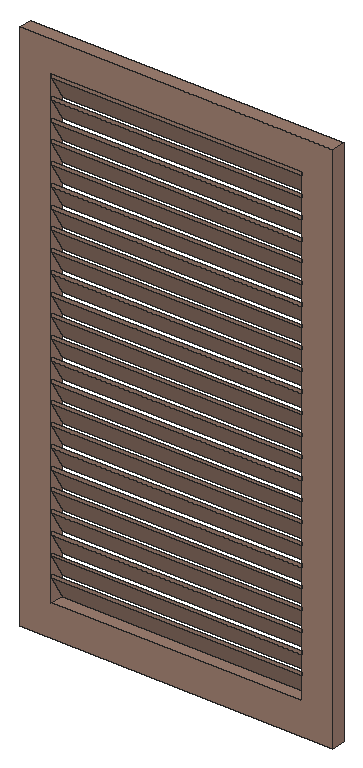
Revit family "Folha_Veneziana", category Janelas, Revit 2015
Parameters
  Largura das persianas = Largura - 2 * (Largura do caixilho)  # 56 cm
  Largura da veneziana [instance] = 56 cm
  Largura = 70 cm
  Construção analítica = "<Nenhum>"
  Type Comments = ""
  Rough Width = 0 cm
  Caixilho = Janela - Caixilho
  Rough Height = 0 cm
  Espessura da veneziana = 3 cm
  Largura do caixilho = 7 cm
  Número de Venezianas = 24
  Fabricante = "Marco Rocha"
  Veneziana = Janela - Caixilho
  Altura = 120 cm
  Assembly Code = ""
Reference planes (cm)
  plane 1 "Center (Front/Back)": y = 0
  plane 2: z = 0
  plane 3 "Center (Left/Right)": x = 0.5
  plane 4: y = 1.5
  plane 5: y = -1.5
  plane 6: y = 0
  plane 7: z = -60
  plane 8: z = 60
  plane 9: z = 53
  plane 10: z = -53
  plane 11: x = 28.5
  plane 12: x = -27.5
  plane 13: x = -34.5
  plane 14: x = 35.5
Forms (cm)
  Extrusion 1, solid, material "Janela - Caixilho" <- "Caixilho"
    sketch origin (0, 0, -140) x (1, 0, 0) y (0, 0, 1)
      loop
        line (-34.5, 200) -> (-34.5, 80) -> (35.5, 80) -> (35.5, 200) -> (-34.5, 200)
      loop
        line (-27.5, 193) -> (-27.5, 87) -> (28.5, 87) -> (28.5, 193) -> (-27.5, 193)
    from -1.5 to 1.5
Lines and regions (cm)
  Masking region 1, detail levels medium+fine
    outline origin (0, 0, 0) x (1, 0, 0) y (0, 1, 0)
      loop
        line (-34.5, 1.5) -> (-34.5, -1.5) -> (-27.5, -1.5) -> (-27.5, 1.5) -> (-34.5, 1.5)
  Masking region 2, detail levels medium+fine
    outline origin (1, 0, 0) x (0, 1, 0) y (-1, 0, 0)
      loop
        line (1.5, -34.5) -> (1.5, -27.5) -> (-1.5, -27.5) -> (-1.5, -34.5) -> (1.5, -34.5)
  Masking region 3, detail levels coarse
    outline origin (0, 0, 0) x (1, 0, 0) y (0, 1, 0)
      loop
        line (-34.5, 1.5) -> (-34.5, -1.5) -> (35.5, -1.5) -> (35.5, 1.5) -> (-34.5, 1.5)
  Masking region 4, detail levels coarse
    outline origin (0.5, 0, 0) x (0, 1, 0) y (0, 0, 1)
      loop
        line (1.5, 60) -> (-1.5, 60) -> (-1.5, -60) -> (1.5, -60) -> (1.5, 60)
  symbolic lines, style "Windows", detail levels medium+fine
    curve 1: line (-27.5, 1.5, 0) -> (28.5, 1.5, 0)
    curve 2: line (-27.5, -1.5, 0) -> (28.5, -1.5, 0)
  symbolic lines, style "WindowsFrameMullionProjection"
    curve 3: line (0.5, 1.5, 53) -> (0.5, -1.5, 53)
    curve 4: line (0.5, 1.5, -53) -> (0.5, -1.5, -53)
  symbolic lines, style "WindowsFrameMullionProjection", detail levels medium+fine
    curve 5: line (0.5, -1.5, 53) -> (0.5, 1.5, 48)
    curve 6: line (0.5, -1.5, -47.2225) -> (0.5, 1.5, -52.2225)
    curve 7: line (0.5, -1.5, 48.6425) -> (0.5, 1.5, 43.6425)
    curve 8: line (0.5, -1.5, 44.285) -> (0.5, 1.5, 39.285)
    curve 9: line (0.5, -1.5, 39.9275) -> (0.5, 1.5, 34.9275)
    curve 10: line (0.5, -1.5, 35.57) -> (0.5, 1.5, 30.57)
    curve 11: line (0.5, -1.5, 31.2125) -> (0.5, 1.5, 26.2125)
    curve 12: line (0.5, -1.5, 26.855) -> (0.5, 1.5, 21.855)
    curve 13: line (0.5, -1.5, 22.4975) -> (0.5, 1.5, 17.4975)
    curve 14: line (0.5, -1.5, 18.14) -> (0.5, 1.5, 13.14)
    curve 15: line (0.5, -1.5, 13.7825) -> (0.5, 1.5, 8.7825)
    curve 16: line (0.5, -1.5, 9.425) -> (0.5, 1.5, 4.425)
    curve 17: line (0.5, -1.5, 5.0675) -> (0.5, 1.5, 0.0675)
    curve 18: line (0.5, -1.5, 0.71) -> (0.5, 1.5, -4.29)
    curve 19: line (0.5, -1.5, -3.6475) -> (0.5, 1.5, -8.6475)
    curve 20: line (0.5, -1.5, -8.005) -> (0.5, 1.5, -13.005)
    curve 21: line (0.5, -1.5, -12.3625) -> (0.5, 1.5, -17.3625)
    curve 22: line (0.5, -1.5, -16.72) -> (0.5, 1.5, -21.72)
    curve 23: line (0.5, -1.5, -21.0775) -> (0.5, 1.5, -26.0775)
    curve 24: line (0.5, -1.5, -25.435) -> (0.5, 1.5, -30.435)
    curve 25: line (0.5, -1.5, -29.7925) -> (0.5, 1.5, -34.7925)
    curve 26: line (0.5, -1.5, -34.15) -> (0.5, 1.5, -39.15)
    curve 27: line (0.5, -1.5, -38.5075) -> (0.5, 1.5, -43.5075)
    curve 28: line (0.5, -1.5, -42.865) -> (0.5, 1.5, -47.865)
    curve 29: line (0.5, -1.5, 52.2225) -> (0.5, 1.5, 47.2225)
    curve 30: line (0.5, -1.5, -48) -> (0.5, 1.5, -53)
    curve 31: line (0.5, -1.5, 47.865) -> (0.5, 1.5, 42.865)
    curve 32: line (0.5, -1.5, 43.5075) -> (0.5, 1.5, 38.5075)
    curve 33: line (0.5, -1.5, 39.15) -> (0.5, 1.5, 34.15)
    curve 34: line (0.5, -1.5, 34.7925) -> (0.5, 1.5, 29.7925)
    curve 35: line (0.5, -1.5, 30.435) -> (0.5, 1.5, 25.435)
    curve 36: line (0.5, -1.5, 26.0775) -> (0.5, 1.5, 21.0775)
    curve 37: line (0.5, -1.5, 21.72) -> (0.5, 1.5, 16.72)
    curve 38: line (0.5, -1.5, 17.3625) -> (0.5, 1.5, 12.3625)
    curve 39: line (0.5, -1.5, 13.005) -> (0.5, 1.5, 8.005)
    curve 40: line (0.5, -1.5, 8.6475) -> (0.5, 1.5, 3.6475)
    curve 41: line (0.5, -1.5, 4.29) -> (0.5, 1.5, -0.71)
    curve 42: line (0.5, -1.5, -0.0675) -> (0.5, 1.5, -5.0675)
    curve 43: line (0.5, -1.5, -4.425) -> (0.5, 1.5, -9.425)
    curve 44: line (0.5, -1.5, -8.7825) -> (0.5, 1.5, -13.7825)
    curve 45: line (0.5, -1.5, -13.14) -> (0.5, 1.5, -18.14)
    curve 46: line (0.5, -1.5, -17.4975) -> (0.5, 1.5, -22.4975)
    curve 47: line (0.5, -1.5, -21.855) -> (0.5, 1.5, -26.855)
    curve 48: line (0.5, -1.5, -26.2125) -> (0.5, 1.5, -31.2125)
    curve 49: line (0.5, -1.5, -30.57) -> (0.5, 1.5, -35.57)
    curve 50: line (0.5, -1.5, -34.9275) -> (0.5, 1.5, -39.9275)
    curve 51: line (0.5, -1.5, -39.285) -> (0.5, 1.5, -44.285)
    curve 52: line (0.5, -1.5, -43.6425) -> (0.5, 1.5, -48.6425)
Dimensions and locks (cm)
  equal spacing: plane 4, plane 6, plane 5
  "Espessura da veneziana": plane 4 to plane 5
  "Largura do caixilho": plane 8 to plane 9
  "Largura do caixilho": plane 10 to plane 7
  "Altura": plane 8 to plane 7
  equal spacing: plane 11, plane 3 "Center (Left/Right)", plane 12
  "Largura do caixilho": plane 12 to plane 13
  "Largura do caixilho": plane 11 to plane 14
  "Largura": plane 14 to plane 13
  equal spacing: plane 9, plane 2, plane 10
  "Largura da veneziana": plane 12 to plane 11
  equal spacing: group 1, group 3, group 4, group 5, group 6, group 7, group 8, group 9, group 10, group 11, group 12, group 13, group 14, group 15, group 16, group 17, group 18, group 19, group 20, group 21, group 22, group 23, group 24, group 2  (x2)
  equal spacing: group 2, group 24, group 23, group 22, group 21, group 20, group 19, group 18, group 17, group 16, group 15, group 14, group 13, group 12, group 11, group 10, group 9, group 8, group 7, group 6, group 5, group 4, group 3, group 1
  aligned and locked: plane 13 to Extrusion 1 sketch curve
  aligned and locked: plane 12 to Extrusion 1 sketch curve
  aligned and locked: plane 7 to Extrusion 1 sketch curve
  aligned and locked: plane 10 to Extrusion 1 sketch curve
  aligned and locked: Extrusion 1 sketch curve to plane 14
  aligned and locked: plane 11 to Extrusion 1 sketch curve
  aligned and locked: Extrusion 1 sketch curve to plane 8
  aligned and locked: Extrusion 1 sketch curve to plane 9
  aligned and locked: plane 10 to Extrusion 1
  aligned and locked: plane 9 to nested 1
  aligned and locked: plane 4 to Extrusion 1
  aligned and locked: Extrusion 1 to plane 5
  aligned and locked: nested 1 to plane 6
  aligned and locked: plane 6 to plane 1 "Center (Front/Back)"
  aligned and locked: nested 1 to plane 3 "Center (Left/Right)"
  aligned and locked: plane 10 to nested 2
  aligned and locked: Masking region 1 sketch curve to plane 4
  aligned and locked: plane 13 to Masking region 1 sketch curve
  aligned and locked: plane 5 to Masking region 1 sketch curve
  aligned and locked: Masking region 1 sketch curve to plane 12
  aligned and locked: plane 11 to Masking region 2 sketch curve
  aligned and locked: plane 4 to Masking region 2 sketch curve
  aligned and locked: plane 14 to Masking region 2 sketch curve
  aligned and locked: Masking region 2 sketch curve to plane 5
  aligned and locked: plane 12 to curve 1
  aligned and locked: plane 11 to curve 1
  aligned and locked: curve 1 to plane 4
  aligned and locked: plane 12 to curve 2
  aligned and locked: plane 11 to curve 2
  aligned and locked: curve 2 to plane 5
  aligned and locked: Masking region 3 sketch curve to plane 4
  aligned and locked: plane 13 to Masking region 3 sketch curve
  aligned and locked: plane 5 to Masking region 3 sketch curve
  aligned and locked: Masking region 3 sketch curve to plane 14
  aligned and locked: Masking region 4 sketch curve to plane 4
  aligned and locked: Masking region 4 sketch curve to plane 8
  aligned and locked: plane 7 to Masking region 4 sketch curve
  aligned and locked: plane 4 to curve 3
  aligned and locked: plane 5 to curve 3
  aligned and locked: curve 3 to plane 9
  aligned and locked: curve 4 to plane 10
Automatic sketch dimensions
  Masking region 4 sketch curve to plane 5 = 0 cm
  curve 4 to plane 5 = 0 cm
  curve 4 to plane 4 = 0 cm
  curve 5 to curve 29 = 0 cm  (x2)
  curve 29 to curve 29 = 3 cm
  curve 29 to curve 5 = 0.7775 cm  (x2)
  curve 5 to curve 29 = 4.2225 cm
  curve 6 to curve 30 = 0 cm  (x2)
  curve 30 to curve 30 = 3 cm
  curve 30 to curve 6 = 0.7775 cm  (x2)
  curve 6 to curve 30 = 4.2225 cm
  curve 7 to curve 31 = 0 cm  (x2)
  curve 31 to curve 31 = 3 cm
  curve 31 to curve 7 = 0.7775 cm  (x2)
  curve 7 to curve 31 = 4.2225 cm
  curve 8 to curve 32 = 0 cm  (x2)
  curve 32 to curve 32 = 3 cm
  curve 32 to curve 8 = 0.7775 cm  (x2)
  curve 8 to curve 32 = 4.2225 cm
  curve 9 to curve 33 = 0 cm  (x2)
  curve 33 to curve 33 = 3 cm
  curve 33 to curve 9 = 0.7775 cm  (x2)
  curve 9 to curve 33 = 4.2225 cm
  curve 10 to curve 34 = 0 cm  (x2)
  curve 34 to curve 34 = 3 cm
  curve 34 to curve 10 = 0.7775 cm  (x2)
  curve 10 to curve 34 = 4.2225 cm
  curve 11 to curve 35 = 0 cm  (x2)
  curve 35 to curve 35 = 3 cm
  curve 35 to curve 11 = 0.7775 cm  (x2)
  curve 11 to curve 35 = 4.2225 cm
  curve 12 to curve 36 = 0 cm  (x2)
  curve 36 to curve 36 = 3 cm
  curve 36 to curve 12 = 0.7775 cm  (x2)
  curve 12 to curve 36 = 4.2225 cm
  curve 13 to curve 37 = 0 cm  (x2)
  curve 37 to curve 37 = 3 cm
  curve 37 to curve 13 = 0.7775 cm  (x2)
  curve 13 to curve 37 = 4.2225 cm
  curve 14 to curve 38 = 0 cm  (x2)
  curve 38 to curve 38 = 3 cm
  curve 38 to curve 14 = 0.7775 cm  (x2)
  curve 14 to curve 38 = 4.2225 cm
  curve 15 to curve 39 = 0 cm  (x2)
  curve 39 to curve 39 = 3 cm
  curve 39 to curve 15 = 0.7775 cm  (x2)
  curve 15 to curve 39 = 4.2225 cm
  curve 16 to curve 40 = 0 cm  (x2)
  curve 40 to curve 40 = 3 cm
  curve 40 to curve 16 = 0.7775 cm  (x2)
  curve 16 to curve 40 = 4.2225 cm
  curve 17 to curve 41 = 0 cm  (x2)
  curve 41 to curve 41 = 3 cm
  curve 41 to curve 17 = 0.7775 cm  (x2)
  curve 17 to curve 41 = 4.2225 cm
  curve 18 to curve 42 = 0 cm  (x2)
  curve 42 to curve 42 = 3 cm
  curve 42 to curve 18 = 0.7775 cm  (x2)
  curve 18 to curve 42 = 4.2225 cm
  curve 19 to curve 43 = 0 cm  (x2)
  curve 43 to curve 43 = 3 cm
  curve 43 to curve 19 = 0.7775 cm  (x2)
  curve 19 to curve 43 = 4.2225 cm
  curve 20 to curve 44 = 0 cm  (x2)
  curve 44 to curve 44 = 3 cm
  curve 44 to curve 20 = 0.7775 cm  (x2)
  curve 20 to curve 44 = 4.2225 cm
  curve 21 to curve 45 = 0 cm  (x2)
  curve 45 to curve 45 = 3 cm
  curve 45 to curve 21 = 0.7775 cm  (x2)
  curve 21 to curve 45 = 4.2225 cm
  curve 22 to curve 46 = 0 cm  (x2)
  curve 46 to curve 46 = 3 cm
  curve 46 to curve 22 = 0.7775 cm  (x2)
  curve 22 to curve 46 = 4.2225 cm
  curve 23 to curve 47 = 0 cm  (x2)
  curve 47 to curve 47 = 3 cm
  curve 47 to curve 23 = 0.7775 cm  (x2)
  curve 23 to curve 47 = 4.2225 cm
  curve 24 to curve 48 = 0 cm  (x2)
  curve 48 to curve 48 = 3 cm
  curve 48 to curve 24 = 0.7775 cm  (x2)
  curve 24 to curve 48 = 4.2225 cm
  curve 25 to curve 49 = 0 cm  (x2)
  curve 49 to curve 49 = 3 cm
  curve 49 to curve 25 = 0.7775 cm  (x2)
  curve 25 to curve 49 = 4.2225 cm
  curve 26 to curve 50 = 0 cm  (x2)
  curve 50 to curve 50 = 3 cm
  curve 50 to curve 26 = 0.7775 cm  (x2)
  curve 26 to curve 50 = 4.2225 cm
  curve 27 to curve 51 = 0 cm  (x2)
  curve 51 to curve 51 = 3 cm
  curve 51 to curve 27 = 0.7775 cm  (x2)
  curve 27 to curve 51 = 4.2225 cm
  curve 28 to curve 52 = 0 cm  (x2)
  curve 52 to curve 52 = 3 cm
  curve 52 to curve 28 = 0.7775 cm  (x2)
  curve 28 to curve 52 = 4.2225 cm
Nested families (cm)
  nested 1: "Persiana" at (88, 0, 48), type "Persiana"
  nested 2: "Persiana" at (88, 0, -52.2225), type "Persiana"
  nested 3: "Persiana" at (88, 0, 43.6425), type "Persiana"
  nested 4: "Persiana" at (88, 0, 39.285), type "Persiana"
  nested 5: "Persiana" at (88, 0, 34.9275), type "Persiana"
  nested 6: "Persiana" at (88, 0, 30.57), type "Persiana"
  nested 7: "Persiana" at (88, 0, 26.2125), type "Persiana"
  nested 8: "Persiana" at (88, 0, 21.855), type "Persiana"
  nested 9: "Persiana" at (88, 0, 17.4975), type "Persiana"
  nested 10: "Persiana" at (88, 0, 13.14), type "Persiana"
  nested 11: "Persiana" at (88, 0, 8.7825), type "Persiana"
  nested 12: "Persiana" at (88, 0, 4.425), type "Persiana"
  nested 13: "Persiana" at (88, 0, 0.0675), type "Persiana"
  nested 14: "Persiana" at (88, 0, -4.29), type "Persiana"
  nested 15: "Persiana" at (88, 0, -8.6475), type "Persiana"
  nested 16: "Persiana" at (88, 0, -13.005), type "Persiana"
  nested 17: "Persiana" at (88, 0, -17.3625), type "Persiana"
  nested 18: "Persiana" at (88, 0, -21.72), type "Persiana"
  nested 19: "Persiana" at (88, 0, -26.0775), type "Persiana"
  nested 20: "Persiana" at (88, 0, -30.435), type "Persiana"
  nested 21: "Persiana" at (88, 0, -34.7925), type "Persiana"
  nested 22: "Persiana" at (88, 0, -39.15), type "Persiana"
  nested 23: "Persiana" at (88, 0, -43.5075), type "Persiana"
  nested 24: "Persiana" at (88, 0, -47.865), type "Persiana"
Definition of nested family "Persiana"
  Parameters (values of type "Persiana")
    Width = 56 cm
    Espessura da persiana = 3 cm
    Analytic Construction = "<Nenhum>"
    Type Comments = "100% Parametrica"
    Manufacturer = "CESARITA"
    Persiana = none
    Height = 5 cm
    Assembly Code = ""
  Reference planes (cm)
    plane 1 "Center (Front/Back)": y = 0
    plane 2: z = 0
    plane 3 "Center (Left/Right)": x = -87.5
    plane 4: y = 1.5
    plane 5: y = -1.5
    plane 6 "Esquerda - Lamela": x = -115.5
    plane 7 "Direita - Lamela": x = -59.5
    plane 8: z = 5
    plane 9: x = -87.5
  Forms (cm)
    Extrusion 1, solid, material <- "Persiana"
      sketch origin (-87.5, 0, 0) x (0, 1, 0) y (0, 0, 1)
        loop
          line (-1.5, 5) -> (-1.5, 4.2225) -> (1.5, -0.7775) -> (1.5, 0) -> (-1.5, 5)
      from -28 to 28
  Dimensions and locks (cm)
    "Width": plane 7 "Direita - Lamela" to plane 6 "Esquerda - Lamela"
    equal spacing: plane 7 "Direita - Lamela", plane 3 "Center (Left/Right)", plane 6 "Esquerda - Lamela"
    "Height": plane 8 to level
    equal spacing: plane 6 "Esquerda - Lamela", plane 9, plane 7 "Direita - Lamela"
    plane 6 "Esquerda - Lamela" to plane 7 "Direita - Lamela" = 56 cm
    equal spacing: plane 4, plane 1 "Center (Front/Back)", plane 5
    "Espessura da persiana": plane 4 to plane 5
    aligned and locked: plane 7 "Direita - Lamela" to Extrusion 1
    aligned and locked: Extrusion 1 to plane 6 "Esquerda - Lamela"
    aligned and locked: plane 5 to Extrusion 1 sketch curve
    aligned and locked: plane 4 to Extrusion 1 sketch curve
    aligned and locked: level to Extrusion 1 sketch curve
  Automatic sketch dimensions
    Extrusion 1 sketch curve to Extrusion 1 sketch curve = 0.7775 cm  (x2)
    Extrusion 1 sketch curve to plane 8 = 0 cm
